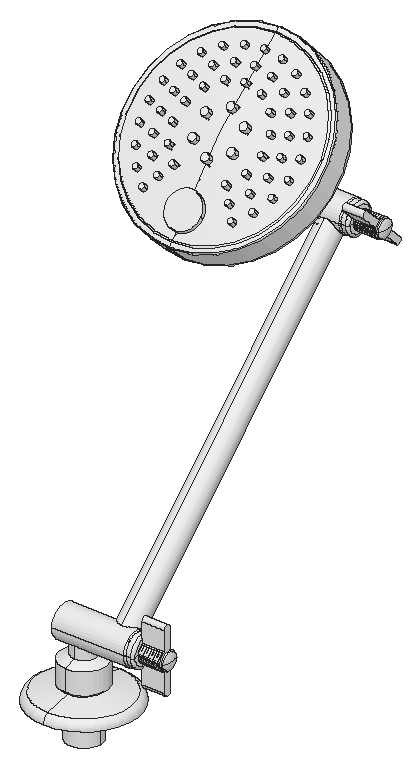
Revit family "Shower_Wall_Caroma Pin Adjustable", category Plumbing Fixtures, host Face, Revit 2014
Parameters (values of type "Black")
  Waste Connection = no
  WELSRating_ANZRS = "WELS 3 star rated, 9L/min"  # constant formula
  Vent Connection = no
  URL = "http://specify.caroma.com.au/"
  Type Comments = "Caroma Pin Adjustable Wall Shower"  # constant formula
  ModifiedIssue_ANZRS = 20160203.54  # constant formula
  Model = "87259B3A"
  Material_ANZRS = Metal-Chrome-Caroma
  Manufacturer = "Caroma"  # constant formula
  HWFU = 0
  HW Connection = yes
  Description = "TBC"  # constant formula
  Default Elevation = 1800 mm
  CreatedBy_ANZRS = "Design Content"  # constant formula
  CreatedByURL_ANZRS = "http://www.designcontent.com.au"
  Cost = 0
  ConnectorDiameter = 20 mm
  CWFU = 0
  CW Connection = yes
  Assembly Code = "D2010710"
Types (4, lengths in mm): name | Model
  (no name) | "87259B3A"
  Chrome | "87259C3A"
  Black | "87259B3A"
  White | "87259W3A"
Reference planes
  plane 1 "Center (Front/Back)": y = 0
  plane 2: z = 0
  plane 3 "Center (Left/Right)": x = 0
  plane 4 "Head": y = 0
Forms (mm)
  Extrusion 1, solid, material "Metal-Chrome-Caroma" <- "Material_ANZRS"
    sketch origin (0, 0, 40.5) x (0, 1, 0) y (-1, 0, 0)
      loop
        circle (0, 0) r 10
    from -60.5 to -40.5
  Revolve 2, solid, material "Metal-Chrome-Caroma" <- "Material_ANZRS"
    sketch origin (22.885, 1.562, 0) x (0, 1, 0) y (0, 0, -1)
      loop
        line (161.22, -191.821) -> (7.66, -38.261) -> (2.711, -43.211) -> (156.271, -196.771) -> (161.22, -191.821)
      axis (2.711, -43.211) -> (156.271, -196.771)
    angle from 0 to 360
  Revolve 3, solid, material "Metal-Chrome-Caroma" <- "Material_ANZRS"
    sketch origin (-0.083, 55.678, 40.5) x (0, 1, 0) y (0, 0, -1)
      loop
        line (-25.607, 40.5) -> (-55.607, 40.5) -> (-55.607, 2.728) -> (-48.607, 2.728) -> (-48.607, 14.843) -> (-42.328, 17.771) -> (-42.328, 30.616) -> (-44.079, 32.008)
        arc (-44.079, 32.008) -> (-36.38, 33.345) -> (-28.827, 35.347) r 89.548
        arc (-28.827, 35.347) -> (-26.341, 37.376) -> (-25.607, 40.5) r 4.985
      axis (-55.607, 2.728) -> (-55.607, 40.5)
    angle from 0 to 360
  Revolve 4, solid, material "Metal-Chrome-Caroma" <- "Material_ANZRS"
    sketch origin (0, -0.013, 39.212) x (0, 1, 0) y (-1, 0, 0)
      loop
        line (9.501, 11.5) -> (-0.002, 11.5) -> (-0.002, -50.2) -> (5.5, -50.2) -> (5.5, -36.7) -> (7.5, -36.7)
        arc (7.5, -36.7) -> (8.561, -36.261) -> (9, -35.2) r 1.5
        line (9, -35.2) -> (9, -32.3) -> (9.387, -31.47) -> (9.501, 11.5)
      axis (-0.002, 11.5) -> (-0.002, -50.2)
    angle from 0 to 360
  Revolve 5, solid, material "Metal-Chrome-Caroma" <- "Material_ANZRS"
    sketch origin (0, 0, 39.25) x (0, 1, 0) y (-1, 0, 0)
      loop
        line (-0.002, -50.2) -> (-0.002, -52.705)
        arc (-0.002, -52.705) -> (2.558, -52.424) -> (5, -51.609) r 12.103
        line (5, -51.609) -> (5, -50.2) -> (-0.002, -50.2)
      axis (-0.002, -50.2) -> (-0.002, -52.705)
    angle from 0 to 360
  Revolve 6, solid, material "Metal-Chrome-Caroma" <- "Material_ANZRS"
    sketch origin (0, 161.635, 200.931) x (0, 1, 0) y (-1, 0, 0)
      loop
        line (9.501, 11.5) -> (-0.002, 11.5) -> (-0.002, -50.2) -> (5.5, -50.2) -> (5.5, -36.7) -> (7.5, -36.7)
        arc (7.5, -36.7) -> (8.561, -36.261) -> (9, -35.2) r 1.5
        line (9, -35.2) -> (9, -32.3) -> (9.387, -31.47) -> (9.501, 11.5)
      axis (-0.002, 11.5) -> (-0.002, -50.2)
    angle from 0 to 360
  Revolve 7, solid, material "Metal-Chrome-Caroma" <- "Material_ANZRS"
    sketch origin (0, 161.648, 200.969) x (0, 1, 0) y (-1, 0, 0)
      loop
        line (-0.002, -50.2) -> (-0.002, -52.705)
        arc (-0.002, -52.705) -> (2.558, -52.424) -> (5, -51.609) r 12.103
        line (5, -51.609) -> (5, -50.2) -> (-0.002, -50.2)
      axis (-0.002, -50.2) -> (-0.002, -52.705)
    angle from 0 to 360
  Extrusion 8, solid, material "Metal-Chrome-Caroma" <- "Material_ANZRS"
    sketch origin (0, 0, 0) x (0, 1, 0) y (0, 0, 1)
      loop
        line (159.065, 206.318) -> (151.038, 214.336)
        arc (151.038, 214.336) -> (148.21, 214.335) -> (148.211, 211.507) r 2
        line (148.211, 211.507) -> (156.153, 203.565)
        arc (156.153, 203.565) -> (156.404, 203.127) -> (156.398, 202.622) r 0.961
        arc (156.398, 202.622) -> (156.199, 201.787) -> (156.132, 200.931) r 5.502
        arc (156.132, 200.931) -> (158.361, 196.508) -> (163.243, 195.67) r 5.502
        arc (163.243, 195.67) -> (163.847, 195.656) -> (164.367, 195.35) r 1.2
        line (164.367, 195.35) -> (172.251, 187.466)
        arc (172.251, 187.466) -> (175.08, 187.466) -> (175.08, 190.295) r 2
        line (175.08, 190.295) -> (167.136, 198.238)
        arc (167.136, 198.238) -> (166.863, 198.723) -> (166.881, 199.279) r 1.034
        arc (166.881, 199.279) -> (167.071, 200.095) -> (167.135, 200.931) r 5.502
        arc (167.135, 200.931) -> (164.813, 205.421) -> (159.807, 206.12) r 5.502
        arc (159.807, 206.12) -> (159.409, 206.12) -> (159.065, 206.318) r 0.768
    from 37.2 to 49.761
  Extrusion 9, solid, material "Metal-Chrome-Caroma" <- "Material_ANZRS"
    sketch origin (0, 0, 0) x (0, 1, 0) y (0, 0, 1)
      loop
        line (2, 45.023) -> (2, 56.257)
        arc (2, 56.257) -> (0.001, 58.257) -> (-2, 56.258) r 2
        line (-2, 56.258) -> (-2.006, 44.911)
        arc (-2.006, 44.911) -> (-2.115, 44.485) -> (-2.413, 44.163) r 0.892
        arc (-2.413, 44.163) -> (-4.676, 42.133) -> (-5.516, 39.212) r 5.502
        arc (-5.516, 39.212) -> (-4.704, 36.335) -> (-2.508, 34.308) r 5.502
        arc (-2.508, 34.308) -> (-2.137, 33.971) -> (-2, 33.49) r 0.912
        line (-2, 33.49) -> (-2, 22.257)
        arc (-2, 22.257) -> (0, 20.257) -> (2, 22.257) r 2
        line (2, 22.257) -> (2, 33.49)
        arc (2, 33.49) -> (2.136, 33.976) -> (2.505, 34.321) r 0.936
        arc (2.505, 34.321) -> (4.683, 36.348) -> (5.487, 39.212) r 5.502
        arc (5.487, 39.212) -> (4.661, 42.113) -> (2.429, 44.142) r 5.502
        arc (2.429, 44.142) -> (2.113, 44.533) -> (2, 45.023) r 1.121
    from 36.7 to 50.2
  Revolve 10, solid, material "Metal-Chrome-Caroma" <- "Material_ANZRS"
    sketch origin (0.074, 55.99, 40.5) x (0, 1, 0) y (0, 0, -1)
      loop
        line (91.716, -257.441) -> (102.123, -246.664)
        arc (102.123, -246.664) -> (102.684, -245.599) -> (102.479, -244.413) r 1.868
        arc (102.479, -244.413) -> (91.187, -230.12) -> (78.907, -216.68) r 254.249
        arc (78.907, -216.68) -> (78.344, -215.309) -> (78.899, -213.935) r 1.964
        line (78.899, -213.935) -> (79.509, -213.311) -> (93.978, -198.488)
        arc (93.978, -198.488) -> (94.263, -197.841) -> (94.052, -197.165) r 1.008
        line (94.052, -197.165) -> (88.463, -191.576)
        arc (88.463, -191.576) -> (88.545, -191.024) -> (88.589, -190.468) r 8.098
        arc (88.589, -190.468) -> (88.591, -190.062) -> (88.743, -189.687) r 1.069
        line (88.743, -189.687) -> (90.409, -188.02)
        arc (90.409, -188.02) -> (90.78, -187.806) -> (91.208, -187.806) r 0.826
        line (91.208, -187.806) -> (94.093, -188.58) -> (103.639, -179.034) -> (100.867, -176.262) -> (100.371, -175.483) -> (106.711, -169.094) -> (101.846, -164.229) -> (45.772, -220.303)
        arc (45.772, -220.303) -> (66.162, -238.906) -> (88.152, -255.589) r 304.78
        arc (88.152, -255.589) -> (88.506, -255.788) -> (88.892, -255.913) r 2.031
        arc (88.892, -255.913) -> (89.884, -256.768) -> (90.974, -257.493) r 10.53
        arc (90.974, -257.493) -> (91.396, -257.59) -> (91.774, -257.38) r 0.604
      axis (101.846, -164.229) -> (45.772, -220.303)
    angle from 0 to 360
  Extrusion 11, solid, material "Metal-Chrome-Caroma" <- "Material_ANZRS", detail levels fine
    sketch origin (0, 79.331, 253.581) x (-1, 0, 0) y (0, 0.707107, 0.707107)
      loop
        circle (-0.007, 66.391) r 1.591
      loop
        circle (-11.332, 65) r 1.591
      loop
        circle (-21.898, 60.864) r 1.591
      loop
        circle (-31.113, 54.169) r 1.591
      loop
        circle (-38.375, 45.343) r 1.591
      loop
        circle (-43.265, 35.019) r 1.591
      loop
        circle (-45.374, 23.819) r 1.591
      loop
        circle (-44.695, 12.437) r 1.591
      loop
        circle (-41.122, 1.617) r 1.591
      loop
        circle (-34.991, -8.019) r 1.591
      loop
        circle (-26.723, -15.817) r 1.591
      loop
        circle (26.728, -15.778) r 1.591
      loop
        circle (35.035, -8.033) r 1.591
      loop
        circle (41.153, 1.657) r 1.591
      loop
        circle (44.669, 12.436) r 1.591
      loop
        circle (45.367, 23.844) r 1.591
      loop
        circle (43.217, 35.018) r 1.591
      loop
        circle (38.409, 45.331) r 1.591
      loop
        circle (31.134, 54.109) r 1.591
      loop
        circle (21.901, 60.766) r 1.591
      loop
        circle (11.3, 64.982) r 1.591
    from 12.558 to 16.421
  Extrusion 12, solid, material "Metal-Chrome-Caroma" <- "Material_ANZRS", detail levels fine
    sketch origin (0, 72.593, 246.844) x (-1, 0, 0) y (0, 0.707107, 0.707107)
      loop
        circle (-0.007, 66.625) r 1.591
      loop
        circle (-11.176, 64.883) r 1.591
      loop
        circle (-21.24, 59.791) r 1.591
      loop
        circle (-29.279, 51.822) r 1.591
      loop
        circle (-34.447, 41.703) r 1.591
      loop
        circle (-36.243, 30.563) r 1.591
      loop
        circle (-34.416, 19.346) r 1.591
      loop
        circle (-29.3, 9.256) r 1.591
      loop
        circle (-21.278, 1.26) r 1.591
      loop
        circle (21.298, 1.192) r 1.591
      loop
        circle (29.298, 9.217) r 1.591
      loop
        circle (34.423, 19.305) r 1.591
      loop
        circle (36.188, 30.53) r 1.591
      loop
        circle (34.39, 41.65) r 1.591
      loop
        circle (29.259, 51.805) r 1.591
      loop
        circle (21.276, 59.751) r 1.591
      loop
        circle (11.183, 64.865) r 1.591
    from 11.276 to 16.421
  Extrusion 13, solid, material "Metal-Chrome-Caroma" <- "Material_ANZRS", detail levels fine
    sketch origin (0, 66.055, 240.305) x (-1, 0, 0) y (0, 0.707107, 0.707107)
      loop
        circle (-0.007, 66.625) r 1.591
      loop
        circle (-10.98, 64.297) r 1.591
      loop
        circle (-20.012, 57.792) r 1.591
      loop
        circle (-25.567, 48.049) r 1.591
      loop
        circle (-26.759, 36.977) r 1.591
      loop
        circle (-23.3, 26.321) r 1.591
      loop
        circle (-15.831, 17.946) r 1.591
      loop
        circle (15.831, 18.005) r 1.591
      loop
        circle (23.267, 26.278) r 1.591
      loop
        circle (26.815, 36.903) r 1.591
      loop
        circle (25.606, 48.074) r 1.591
      loop
        circle (20.015, 57.777) r 1.591
      loop
        circle (10.921, 64.357) r 1.591
    from 10.296 to 16.421
  Extrusion 14, solid, material "Metal-Chrome-Caroma" <- "Material_ANZRS", detail levels fine
    sketch origin (0, 56.508, 230.758) x (-1, 0, 0) y (0, 0.707107, 0.707107)
      loop
        circle (0.02, 66.78) r 2.293
      loop
        circle (-11.695, 60.006) r 2.293
      loop
        circle (-11.695, 46.503) r 2.293
      loop
        circle (0.008, 39.768) r 2.293
      loop
        circle (11.644, 46.51) r 2.293
      loop
        circle (11.723, 59.986) r 2.293
    from 9.281 to 16.421
  Extrusion 15, solid, material "Metal-Chrome-Caroma" <- "Material_ANZRS", detail levels fine
    sketch origin (0.156, 78.889, 253.139) x (-1, 0, 0) y (0, 0.707107, 0.707107)
      loop
        circle (0.156, -18.416) r 10.5
    from 11.276 to 16.981
  Extrusion 16, void
    sketch origin (6.011, 55.99, 40.5) x (0, 1, 0) y (0, 0, -1)
      loop
        line (12.372, -182.271) -> (10.425, -184.218) -> (25.468, -199.261) -> (12.372, -182.271)
    from -8.501 to 22.113
Cuts and joins
  joined: Extrusion 1, Revolve 2, Revolve 3, Revolve 4
  Extrusion 16 cuts Extrusion 15
Lines and regions (mm)
  Masking region 1
    outline origin (0, 0, 40.5) x (0, 1, 0) y (-1, 0, 0)
      loop
        arc (-29.929, 0.083) -> (-24.263, -17.464) -> (-9.403, -28.382) r 30
        line (-9.403, -28.382) -> (-9.403, -31.47) -> (-9.019, -32.3) -> (-9.019, -35.075)
        arc (-9.019, -35.075) -> (-8.687, -36.177) -> (-7.661, -36.7) r 1.469
        line (-7.661, -36.7) -> (-5.516, -36.7) -> (-5.516, -51.35)
        arc (-5.516, -51.35) -> (-0.016, -52.735) -> (5.487, -51.363) r 11.665
        line (5.487, -51.363) -> (5.487, -36.7) -> (7.629, -36.7)
        arc (7.629, -36.7) -> (8.655, -36.177) -> (8.987, -35.075) r 1.469
        line (8.987, -35.075) -> (8.987, -32.3) -> (9.374, -31.47) -> (9.374, -29.954) -> (70.247, -29.954)
        spline (70.247, -29.954) -> (71.032, -31.738) -> (71.862, -33.481) -> (72.735, -35.18) -> (73.652, -36.834) -> (74.61, -38.44) -> (75.608, -39.996) -> (76.646, -41.5) -> (77.721, -42.95) -> (78.832, -44.345) -> (79.979, -45.682) -> (81.158, -46.959) -> (82.369, -48.176)
        arc (82.369, -48.176) -> (91.849, -55.282) -> (103.19, -58.706) r 34.011
        arc (103.19, -58.706) -> (106.884, -58.838) -> (110.577, -58.706) r 51.593
        line (110.577, -58.706) -> (111.392, -58.706) -> (122.3, -58.336)
        arc (122.3, -58.336) -> (136.768, -51.724) -> (147.618, -40.092) r 40.899
        line (147.618, -40.092) -> (147.618, -49.761) -> (156.132, -49.761) -> (156.132, -51.356)
        arc (156.132, -51.356) -> (161.632, -52.704) -> (167.135, -51.371) r 11.961
        line (167.135, -51.371) -> (167.135, -49.761) -> (175.666, -49.761) -> (175.666, -37.2) -> (171.136, -37.2) -> (171.136, 11.5) -> (157.881, 11.5)
        arc (157.881, 11.5) -> (156.094, 21.489) -> (152.616, 31.021) r 58.741
        arc (152.616, 31.021) -> (148.378, 38.689) -> (143.135, 45.707) r 64.095
        arc (143.135, 45.707) -> (135.108, 52.74) -> (125.438, 57.256) r 37.895
        arc (125.438, 57.256) -> (124.052, 57.614) -> (122.65, 57.907) r 30.637
        arc (122.65, 57.907) -> (119.721, 58.376) -> (116.756, 58.47) r 23.301
        line (116.756, 58.47) -> (108.502, 58.85)
        arc (108.502, 58.85) -> (96.306, 57.17) -> (85.599, 51.093) r 32.644
        spline (85.599, 51.093) -> (82.45, 48.403) -> (79.482, 45.326) -> (76.721, 41.887) -> (74.187, 38.114) -> (71.902, 34.035) -> (69.883, 29.685) -> (68.147, 25.097) -> (66.707, 20.308) -> (65.575, 15.357) -> (64.76, 10.282) -> (64.268, 5.125) -> (64.104, -0.074)
        spline (64.104, -0.074) -> (64.114, -1.391) -> (64.146, -2.708) -> (64.198, -4.023) -> (64.272, -5.337) -> (64.367, -6.648) -> (64.482, -7.955) -> (64.619, -9.258) -> (64.776, -10.557) -> (64.954, -11.85) -> (65.153, -13.138) -> (65.372, -14.418) -> (65.611, -15.692)
        line (65.611, -15.692) -> (25.589, -15.692)
        arc (25.589, -15.692) -> (28.929, -8.117) -> (30.071, 0.083) r 30
        arc (30.071, 0.083) -> (0.071, 30.083) -> (-29.929, 0.083) r 30
  symbolic lines, style "PlumbingFixtures"
    curve 1: spline (0.074, 0, 296.089) -> (-13.2, 0, 294.938) -> (-25.686, 0, 291.552) -> (-36.645, 0, 286.133) -> (-45.426, 0, 279.002) -> (-51.51, 0, 270.582) -> (-54.536, 0, 261.371) -> (-54.323, 0, 251.916) -> (-50.886, 0, 242.778) -> (-44.427, 0, 234.498) -> (-35.329, 0, 227.568) -> (-24.132, 0, 222.398) -> (-11.5, 0, 219.295)
    curve 2: spline (11.781, 0, 219.315) -> (24.392, 0, 222.437) -> (35.563, 0, 227.62) -> (44.634, 0, 234.557) -> (51.067, 0, 242.838) -> (54.482, 0, 251.972) -> (54.676, 0, 261.419) -> (51.638, 0, 270.62) -> (45.548, 0, 279.029) -> (36.766, 0, 286.15) -> (25.813, 0, 291.56) -> (13.336, 0, 294.94) -> (0.074, 0, 296.089)
    curve 3: line (-11.5, 0, 191.428) -> (-11.5, 0, 219.295)
    curve 4: line (11.781, 0, 219.315) -> (11.781, 0, 210.574)
    curve 5: line (11.781, 0, 210.574) -> (37.2, 0, 210.574)
    curve 6: line (37.2, 0, 210.574) -> (37.2, 0, 214.921)
    curve 7: line (37.2, 0, 214.921) -> (49.761, 0, 214.921)
    curve 8: line (49.761, 0, 214.921) -> (49.761, 0, 206.432)
    curve 9: line (49.761, 0, 206.432) -> (52.726, 0, 206.432)
    curve 10: line (52.726, 0, 206.432) -> (52.726, 0, 195.429)
    curve 11: line (49.761, 0, 195.429) -> (52.726, 0, 195.429)
    curve 12: line (49.761, 0, 186.881) -> (49.761, 0, 195.429)
    curve 13: line (49.761, 0, 186.881) -> (37.2, 0, 186.881)
    curve 14: line (37.2, 0, 186.881) -> (37.2, 0, 191.428)
    curve 15: line (-11.5, 0, 191.428) -> (15.805, 0, 191.428)
    curve 16: line (29.879, 0, 191.428) -> (37.2, 0, 191.428)
    curve 17: line (29.879, 0, 191.428) -> (29.879, 0, 48.507)
    curve 18: line (15.805, 0, 191.428) -> (15.805, 0, 48.663)
    curve 19: line (15.805, 0, 48.663) -> (-13.496, 0, 48.663)
    curve 20: line (-13.496, 0, 48.663) -> (-13.496, 0, 8.502)
    curve 21: line (-13.496, 0, 8.502) -> (-30.083, 0, 8.502)
    curve 22: line (-30.083, 0, 0) -> (-30.083, 0, 8.502)
    curve 23: line (13.196, 0, 29.632) -> (13.196, 0, 8.844)
    curve 24: line (13.196, 0, 8.844) -> (29.917, 0, 8.844)
    curve 25: line (29.917, 0, 0) -> (29.917, 0, 8.844)
    curve 26: line (-30.083, 0, 0) -> (29.917, 0, 0)
    curve 27: line (36.7, 0, 20.257) -> (50.2, 0, 20.257)
    curve 28: line (50.2, 0, 20.257) -> (50.2, 0, 33.49)
    curve 29: line (50.2, 0, 33.49) -> (52.733, 0, 33.49)
    curve 30: line (50.2, 0, 58.257) -> (50.2, 0, 44.252)
    curve 31: line (50.2, 0, 44.252) -> (52.733, 0, 44.252)
    curve 32: line (36.7, 0, 20.257) -> (36.7, 0, 29.632)
    curve 33: line (50.2, 0, 58.257) -> (36.7, 0, 58.257)
    curve 34: line (36.7, 0, 58.257) -> (36.7, 0, 48.507)
    curve 35: line (36.7, 0, 48.507) -> (29.879, 0, 48.507)
    curve 36: line (52.733, 0, 33.49) -> (52.733, 0, 44.252)
    curve 37: spline (0.074, 147.706, 40.5) -> (-8.315, 147.28, 40.5) -> (-16.531, 146.012, 40.5) -> (-24.407, 143.928, 40.5) -> (-31.781, 141.069, 40.5) -> (-38.503, 137.495, 40.5) -> (-44.434, 133.28, 40.5) -> (-49.453, 128.508, 40.5) -> (-53.457, 123.279, 40.5) -> (-56.364, 117.699, 40.5) -> (-58.115, 111.883, 40.5) -> (-58.673, 105.949, 40.5) -> (-58.028, 100.02, 40.5)
    curve 38: spline (58.706, 108.769, 40.5) -> (57.782, 113.945, 40.5) -> (55.948, 118.998, 40.5) -> (53.232, 123.849, 40.5) -> (49.678, 128.421, 40.5) -> (45.342, 132.642, 40.5) -> (40.292, 136.446, 40.5) -> (34.607, 139.771, 40.5) -> (28.378, 142.567, 40.5) -> (21.702, 144.788, 40.5) -> (14.685, 146.401, 40.5) -> (7.437, 147.378, 40.5) -> (0.074, 147.706, 40.5)
    curve 39: spline (0.074, 144.882, 40.5) -> (-14.335, 143.541, 40.5) -> (-27.762, 139.608, 40.5) -> (-39.291, 133.353, 40.5) -> (-48.138, 125.2, 40.5) -> (-53.7, 115.706, 40.5) -> (-55.597, 105.517, 40.5) -> (-53.7, 95.329, 40.5) -> (-48.138, 85.835, 40.5) -> (-39.291, 77.682, 40.5) -> (-27.762, 71.426, 40.5) -> (-14.335, 67.494, 40.5) -> (0.074, 66.152, 40.5)
    curve 40: spline (0.074, 66.152, 40.5) -> (14.482, 67.494, 40.5) -> (27.909, 71.426, 40.5) -> (39.439, 77.682, 40.5) -> (48.286, 85.835, 40.5) -> (53.847, 95.329, 40.5) -> (55.744, 105.517, 40.5) -> (53.847, 115.706, 40.5) -> (48.286, 125.2, 40.5) -> (39.439, 133.353, 40.5) -> (27.909, 139.608, 40.5) -> (14.482, 143.541, 40.5) -> (0.074, 144.882, 40.5)
    curve 41: arc (-11.5, 157.881, 40.5) -> (10.396, 158.121, 40.5) -> (31.47, 152.17, 40.5) r 76.771
    curve 42: line (31.47, 152.17, 40.5) -> (32.3, 152.632, 40.5)
    curve 43: line (32.3, 152.632, 40.5) -> (37.2, 152.632, 40.5)
    curve 44: line (37.2, 152.632, 40.5) -> (37.2, 149.21, 40.5)
    curve 45: arc (31.47, 152.17, 40.5) -> (34.378, 150.774, 40.5) -> (37.2, 149.21, 40.5) r 55.093
    curve 46: line (-6.566, 9.488, 40.5) -> (0, 13.279, 40.5)
    curve 47: line (0, 13.279, 40.5) -> (6.566, 9.488, 40.5)
    curve 48: line (6.714, -9.403, 40.5) -> (0, -13.279, 40.5)
    curve 49: line (0, -13.279, 40.5) -> (-6.714, -9.403, 40.5)
    curve 50: line (-11.5, 6.64, 40.5) -> (-11.5, -6.64, 40.5)
    curve 51: line (-11.5, 9.488, 40.5) -> (15.692, 9.488, 40.5)
    curve 52: line (28.382, -9.403, 40.5) -> (-11.5, -9.403, 40.5)
    curve 53: line (-11.5, -9.403, 40.5) -> (-11.5, 9.488, 40.5)
    curve 54: arc (15.887, 65.963, 40.5) -> (23.045, 67.695, 40.5) -> (29.954, 70.247, 40.5) r 63.276
    curve 55: line (36.7, 0, 29.632) -> (13.196, 0, 29.632)
    curve 56: line (15.692, 25.589, 40.5) -> (15.692, 9.488, 40.5)
    curve 57: line (37.2, 149.21, 40.5) -> (40.014, 147.667, 40.5)
Dimensions and locks
  aligned and locked: plane 2 to host face
  aligned and locked: level to host face
Connectors
  piping at (0, 0, -20), diameter 20, driven by "ConnectorDiameter"
    settings: on Extrusion 1, index 1, connector inside diameter 24", connector length 0 mm, flow factor 0, pipe flow 0 GPM, pressure drop 0.00 psi, fitting loss kfactor 0, connector angle 0.00°, fixture units 0, engagement length 0 mm, angle of deflection 0.00°, flow configuration 3, flow direction 1, fitting loss method 0, system type 19, joint type 0, gender type 0, connector reference index -1, connector utility 0, adjustable connector no, is connector primary yes, connector description "Hot Inlet"
